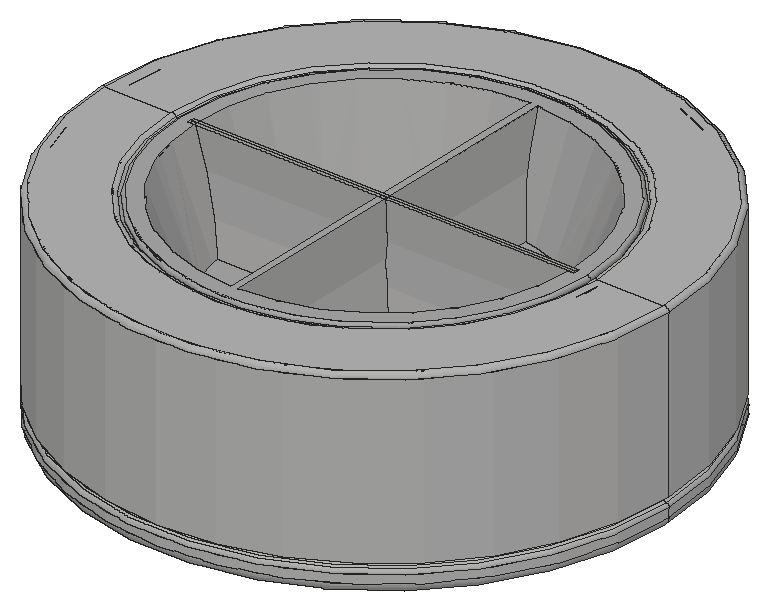
Revit family "CFSCB813EB", category Lighting Fixtures, host Face, Revit 2012
Parameters (values of type "CFSCB813EB")
  Wattage = 13 W
  built-in parameter 1150110 = 1 (stored number, unit not read)
  Voltage = 120 V
  built-in parameter 1114217 = 1 (stored number, unit not read)
  Tilt Angle = -90.00°
  built-in parameter 1150109 = 1 (stored number, unit not read)
  built-in parameter 1150134 = 3
  built-in parameter 1150113 = 1 (stored number, unit not read)
  Photometric Web File = "a1551bx.ies"
  built-in parameter 1150105 = 153.67 (stored number, unit not read)
  Lumens = 1931.05 lm
  built-in parameter 1150115 = 1 (stored number, unit not read)
  built-in parameter 1150137 = (empty or 0)
  built-in parameter 1150139 = (empty or 0)
  Length = 48"
  Wattage Comments = "13W"  # constant formula
  URL = "www.prescolite.com"
  Product Page URL = "http://www.prescolite.com/products/cfscb/"
  Product Documentation Link = "http://www.prescolite.com/content/products/specs/specs_files/lfo_cfl_019.pdf"
  Model = "CFSCB813EB"  # constant formula
  Manufacturer Phone = "(864)-678-1000"  # constant formula
  Manufacturer Fax = "(866)-898-1065"  # constant formula
  Manufacturer = "Prescolite"  # constant formula
  Width = 12"
  built-in parameter 1150112 = 1 (stored number, unit not read)
  built-in parameter 1150114 = 1 (stored number, unit not read)
  Lamp = "TWO"  # constant formula
  Opal lens = Etched Glass
  built-in parameter 1150132 = (empty or 0)
  built-in parameter 1150102 = (empty or 0)
  built-in parameter 1150107 = 3200 (stored number, unit not read)
  built-in parameter 1150138 = (empty or 0)
  built-in parameter 1150106 = 1.5367 (stored number, unit not read)
  Emit from Line Length = 24"
  built-in parameter 1150104 = 13.8 (stored number, unit not read)
  Dimming Lamp Color Temperature Shift = <None>
  Color Filter = 16777215
  Bracket = White
  Description = "SURFACE CROSS BAFFLE DOWNLIGHT."  # constant formula
  Default Elevation = 48"
  Flange = Aluminum
  built-in parameter 1114218 = 1 (stored number, unit not read)
  built-in parameter 1150133 = 10 (stored number, unit not read)
Reference planes (in)
  plane 1 "Center (Front/Back)": y = 13.04941
  plane 2: z = 0
  plane 3 "Center (Left/Right)": x = 0
  plane 4: z = 4.5
  plane 5: x = 5.75
  plane 6: x = 3.875
Forms (in)
  Revolve 1, solid, material "White" <- "Bracket"
    sketch origin (0, 13.04941, 0) x (1, 0, 0) y (0, 0, 1)
      loop
        line (3.75, 0.5) -> (5.55, 0.5)
        arc (5.55, 0.5) -> (5.69142, 0.55858) -> (5.75, 0.7) r 0.2
        line (5.75, 0.7) -> (5.75, 0.86845)
        arc (5.75, 0.86845) -> (5.73785, 0.91809) -> (5.70416, 0.95651) r 0.1075
        line (5.70416, 0.95651) -> (5.65764, 0.98908)
        arc (5.65764, 0.98908) -> (5.62668, 1.02438) -> (5.61552, 1.06999) r 0.09877
        line (5.61552, 1.06999) -> (5.61552, 1.3178) -> (5.49052, 1.3178) -> (5.49052, 1.00291)
        arc (5.49052, 1.00291) -> (5.50125, 0.95908) -> (5.531, 0.92516) r 0.09491
        line (5.531, 0.92516) -> (5.59858, 0.87784)
        arc (5.59858, 0.87784) -> (5.618, 0.8557) -> (5.625, 0.82708) r 0.06196
        line (5.625, 0.82708) -> (5.625, 0.74968)
        arc (5.625, 0.74968) -> (5.58848, 0.66152) -> (5.50032, 0.625) r 0.12468
        line (5.50032, 0.625) -> (3.69822, 0.625) -> (3.19822, 0.125) -> (0, 0.125) -> (0, -1) -> (1.02152, -1)
        arc (1.02152, -1) -> (1.18308, -0.93308) -> (1.25, -0.77152) r 0.22848
        line (1.25, -0.77152) -> (1.25, 0) -> (3.25, 0) -> (3.75, 0.5)
      loop
        line (5.75, 1.07694) -> (5.75, 4.40092)
        arc (5.75, 4.40092) -> (5.72098, 4.47098) -> (5.65092, 4.5) r 0.09908
        line (5.65092, 4.5) -> (4.30618, 4.5)
        arc (4.30618, 4.5) -> (4.25428, 4.48967) -> (4.21027, 4.46027) r 0.13564
        line (4.21027, 4.46027) -> (4.14645, 4.39645)
        arc (4.14645, 4.39645) -> (4.12269, 4.38057) -> (4.09467, 4.375) r 0.07323
        line (4.09467, 4.375) -> (3.875, 4.375) -> (3.875, 4.25) -> (4.14736, 4.25)
        arc (4.14736, 4.25) -> (4.17454, 4.25541) -> (4.19758, 4.2708) r 0.07102
        line (4.19758, 4.2708) -> (4.2697, 4.34292)
        arc (4.2697, 4.34292) -> (4.30523, 4.36666) -> (4.34714, 4.375) r 0.10951
        line (4.34714, 4.375) -> (5.52764, 4.375)
        arc (5.52764, 4.375) -> (5.59648, 4.34648) -> (5.625, 4.27764) r 0.09736
        line (5.625, 4.27764) -> (5.625, 1.07694) -> (5.75, 1.07694)
      axis (0, 4.5) -> (0, -1)
    angle from 0 to 360
  Revolve 2, solid, material "Aluminum" <- "Flange"
    sketch origin (0, 13.04941, 0) x (1, 0, 0) y (0, 0, 1)
      loop
        arc (4.09562, 4.375) -> (4.15812, 4.4375) -> (4.09562, 4.5) r 0.0625
        line (4.09562, 4.5) -> (3.78747, 4.5) -> (3.05953, 2.5) -> (0, 2.5) -> (0, 2.375) -> (3.14706, 2.375) -> (3.875, 4.375) -> (4.09562, 4.375)
      axis (0, 4.5) -> (0, 2.375)
    angle from 0 to 360
  Extrusion 3, solid, material "Aluminum" <- "Flange"
    sketch origin (0, 13.04941, 0) x (1, 0, 0) y (0, 0, 1)
      loop
        line (0.00113, 4.5) -> (-0.06559, 4.5)
        arc (-0.06559, 4.5) -> (-0.17069, 3.41458) -> (-0.5, 2.375) r 5.19665
        line (-0.5, 2.375) -> (0, 2.375) -> (0.5, 2.375)
        arc (0.5, 2.375) -> (0.17069, 3.41458) -> (0.06559, 4.5) r 5.19665
        line (0.06559, 4.5) -> (0.00113, 4.5)
    from -3.94641 to 3.93625
  Extrusion 4, solid, material "Aluminum" <- "Flange"
    sketch origin (-0.07141, 13.05449, 0) x (0, -1, 0) y (0, 0, 1)
      loop
        line (0.00113, 4.5) -> (-0.06559, 4.5)
        arc (-0.06559, 4.5) -> (-0.17069, 3.41458) -> (-0.5, 2.375) r 5.19665
        line (-0.5, 2.375) -> (0, 2.375) -> (0.5, 2.375)
        arc (0.5, 2.375) -> (0.17069, 3.41458) -> (0.06559, 4.5) r 5.19665
        line (0.06559, 4.5) -> (0.00113, 4.5)
    from -3.94641 to 3.8429
Cuts and joins
  joined: Revolve 2, Extrusion 3
Dimensions and locks (in)
  aligned and locked: plane 2 to host face
  aligned and locked: level to host face
  aligned and locked: Revolve 1 sketch curve to plane 6
  aligned and locked: plane 3 "Center (Left/Right)" to Revolve 1 sketch curve
  aligned and locked: Revolve 1 sketch curve to plane 3 "Center (Left/Right)"
  aligned and locked: Revolve 2 sketch curve to Revolve 1
  aligned and locked: Revolve 2 sketch curve to plane 3 "Center (Left/Right)"  (x2)
  aligned and locked: plane 4 to Extrusion 3
  aligned and locked: Extrusion 3 to Revolve 2
  aligned and locked: plane 4 to Extrusion 4
  aligned and locked: Extrusion 4 to cut or joined group of Revolve 2, Extrusion 3
  aligned and locked: plane 4 to imposter light
  aligned and locked: plane 3 "Center (Left/Right)" to imposter light
Connectors (in)
  electrical at (0, 13.04941, 0.125), driven by "Description", driven by "Voltage"
    settings: on Revolve 1, index 1, voltage 120 V, apparent load 0 VA, apparent load phase1 0 VA, apparent load phase2 0 VA, apparent load phase3 0 VA, power factor 1, load classification "Other", number of poles 1, system type 31, power factor state 1, is connector primary yes, connector utility no, sub classification motor no, connector description "SURFACE CROSS BAFFLE DOWNLIGHT."
